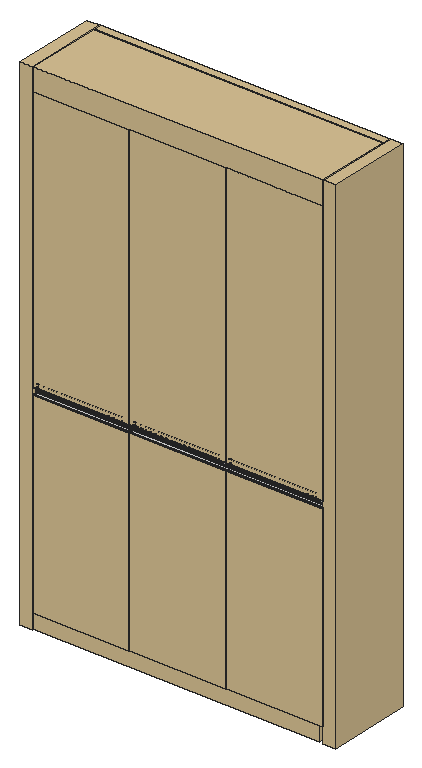
Revit family
Parameters (values of type "1500x400-wood")
  하단높이 = 70 mm
  폭 = 1500 mm
  손잡이재질 = chrome
  마감재질 = wood-pine
  높이 = 2400 mm
  깊이 = 400 mm
  Assembly Code = ""
Reference planes
  plane 1 "중심(앞/뒤)": y = 0
  plane 2: z = 0
  plane 3 "중심(왼쪽/오른쪽)": x = 0
  plane 4: x = 1500
  plane 5 "좌측마무리": x = 60
  plane 6 "우측 마무리": x = 1440
  plane 7: x = 520
  plane 8: x = 980
  plane 9: y = -400
  plane 10: z = 2400
  plane 11 "하단발판": z = 70
  plane 12 "상단마무리": z = 2290
  plane 13: z = 1036
  plane 14: z = 1000
  plane 15: y = -382
  plane 16 "손잡이 좌1": x = 521.5
  plane 17: x = 518.5
  plane 18 "손잡이 좌2": x = 981.5
  plane 19: x = 978.5
Forms (mm)
  Extrusion 1, solid, material "wood-pine" <- "마감재질"
    sketch origin (0, 0, 0) x (1, 0, 0) y (0, 1, 0)
      loop
        line (1440, 0) -> (1440, -400) -> (1500, -400) -> (1500, 0) -> (1440, 0)
      loop
        line (0, 0) -> (0, -400) -> (60, -400) -> (60, 0) -> (0, 0)
    from 0 to 2400
  Extrusion 2, solid, material "wood-pine" <- "마감재질"
    sketch origin (0, 0, 0) x (1, 0, 0) y (0, 1, 0)
      loop
        line (1440, 0) -> (60, 0) -> (60, -38) -> (1440, -38) -> (1440, 0)
    from 0 to 2400
  Extrusion 3, solid, material "wood-pine" <- "마감재질"
    sketch origin (0, 0, 0) x (1, 0, 0) y (0, 0, 1)
      loop
        line (60, 70) -> (60, 0) -> (78, 0) -> (78, 70) -> (60, 70)
      loop
        line (502, 70) -> (502, 0) -> (520, 0) -> (538, 0) -> (538, 70) -> (520, 70) -> (502, 70)
      loop
        line (962, 70) -> (962, 0) -> (980, 0) -> (998, 0) -> (998, 70) -> (980, 70) -> (962, 70)
      loop
        line (1422, 70) -> (1422, 0) -> (1440, 0) -> (1440, 70) -> (1422, 70)
    from 38 to 377.193
  Extrusion 4, solid, material "wood-pine" <- "마감재질"
    sketch origin (0, 0, 2290) x (-1, 0, 0) y (0, -1, 0)
      loop
        line (-60, 38) -> (-60, 400) -> (-1440, 400) -> (-1440, 38) -> (-60, 38)
    from 0 to 110
  Extrusion 5, solid
    sketch origin (0, 0, 70) x (-1, 0, 0) y (0, -1, 0)
      loop
        line (-60, 38) -> (-60, 382) -> (-1440, 382) -> (-1440, 38) -> (-60, 38)
    from 0 to 19
  Extrusion 6, solid, material "wood-pine" <- "마감재질"
    sketch origin (0, 0, 70) x (-1, 0, 0) y (0, -1, 0)
      loop
        line (-60, 382) -> (-60, 400) -> (-518.5, 400) -> (-518.5, 382) -> (-60, 382)
      loop
        line (-521.5, 382) -> (-521.5, 400) -> (-978.5, 400) -> (-978.5, 382) -> (-521.5, 382)
      loop
        line (-981.5, 382) -> (-981.5, 400) -> (-1440, 400) -> (-1440, 382) -> (-981.5, 382)
    from 0 to 2220
  Extrusion 7, void
    sketch origin (0, 0, 0) x (0, 1, 0) y (0, 0, 1)
      loop
        line (-380.25, 1051.062) -> (-396.312, 1035) -> (-400, 1035) -> (-400, 1001) -> (-396.312, 1001) -> (-380.25, 984.938) -> (-380.25, 1018) -> (-380.25, 1051.062)
    from 60 to 1440
  Extrusion 8, solid, material "chrome" <- "손잡이재질"
    sketch origin (60, 0, 0) x (0, 1, 0) y (0, 0, 1)
      loop
        line (-396.312, 1035) -> (-400, 1035) -> (-400, 1036) -> (-401, 1036) -> (-401, 1032.5)
        arc (-401, 1032.5) -> (-400.044, 1031.102) -> (-398.395, 1031.486) r 1.5
        line (-398.395, 1031.486) -> (-386.123, 1042.319)
        arc (-386.123, 1042.319) -> (-383.977, 1042.642) -> (-382.799, 1040.819) r 2
        line (-382.799, 1040.819) -> (-382.799, 1030.498)
        arc (-382.799, 1030.498) -> (-384.297, 1029) -> (-382.799, 1027.502) r 1.498
        arc (-382.799, 1027.502) -> (-384.299, 1026.002) -> (-382.799, 1024.502) r 1.5
        arc (-382.799, 1024.502) -> (-384.301, 1023) -> (-382.799, 1021.498) r 1.502
        arc (-382.799, 1021.498) -> (-384.297, 1020) -> (-382.799, 1018.502) r 1.498
        arc (-382.799, 1018.502) -> (-384.301, 1017) -> (-382.799, 1015.498) r 1.502
        arc (-382.799, 1015.498) -> (-384.297, 1014) -> (-382.799, 1012.502) r 1.498
        arc (-382.799, 1012.502) -> (-384.301, 1011) -> (-382.799, 1009.498) r 1.502
        arc (-382.799, 1009.498) -> (-384.299, 1007.998) -> (-382.799, 1006.498) r 1.5
        line (-382.799, 1006.498) -> (-382.799, 1005.502) -> (-382.799, 995.181)
        arc (-382.799, 995.181) -> (-383.977, 993.358) -> (-386.123, 993.681) r 2
        line (-386.123, 993.681) -> (-398.395, 1004.514)
        arc (-398.395, 1004.514) -> (-400.044, 1004.898) -> (-401, 1003.5) r 1.5
        line (-401, 1003.5) -> (-401, 1000) -> (-400, 1000) -> (-400, 1001) -> (-396.312, 1001) -> (-380.762, 985.45) -> (-377.193, 1044.368) -> (-380.762, 1050.55) -> (-396.312, 1035)
    from 0 to 458.5
  Extrusion 9, solid, material "chrome" <- "손잡이재질"
    sketch origin (521.5, 0, 0) x (0, 1, 0) y (0, 0, 1)
      loop
        line (-380.762, 985.45) -> (-377.193, 1044.368) -> (-380.762, 1050.55) -> (-396.312, 1035) -> (-400, 1035) -> (-400, 1036) -> (-401, 1036) -> (-401, 1032.5)
        arc (-401, 1032.5) -> (-400.044, 1031.102) -> (-398.395, 1031.486) r 1.5
        line (-398.395, 1031.486) -> (-386.123, 1042.319)
        arc (-386.123, 1042.319) -> (-383.977, 1042.642) -> (-382.799, 1040.819) r 2
        line (-382.799, 1040.819) -> (-382.799, 1030.498)
        arc (-382.799, 1030.498) -> (-384.297, 1029) -> (-382.799, 1027.502) r 1.498
        arc (-382.799, 1027.502) -> (-384.299, 1026.002) -> (-382.799, 1024.502) r 1.5
        arc (-382.799, 1024.502) -> (-384.301, 1023) -> (-382.799, 1021.498) r 1.502
        arc (-382.799, 1021.498) -> (-384.297, 1020) -> (-382.799, 1018.502) r 1.498
        arc (-382.799, 1018.502) -> (-384.301, 1017) -> (-382.799, 1015.498) r 1.502
        arc (-382.799, 1015.498) -> (-384.297, 1014) -> (-382.799, 1012.502) r 1.498
        arc (-382.799, 1012.502) -> (-384.301, 1011) -> (-382.799, 1009.498) r 1.502
        arc (-382.799, 1009.498) -> (-384.299, 1007.998) -> (-382.799, 1006.498) r 1.5
        line (-382.799, 1006.498) -> (-382.799, 995.181)
        arc (-382.799, 995.181) -> (-383.977, 993.358) -> (-386.123, 993.681) r 2
        line (-386.123, 993.681) -> (-398.395, 1004.514)
        arc (-398.395, 1004.514) -> (-400.044, 1004.898) -> (-401, 1003.5) r 1.5
        line (-401, 1003.5) -> (-401, 1000) -> (-400, 1000) -> (-400, 1001) -> (-396.312, 1001) -> (-380.762, 985.45)
    from 0 to 457
  Extrusion 10, solid, material "chrome" <- "손잡이재질"
    sketch origin (981.5, 0, 0) x (0, 1, 0) y (0, 0, 1)
      loop
        line (-396.312, 1001) -> (-380.762, 985.45) -> (-377.193, 1044.368) -> (-380.762, 1050.55) -> (-396.312, 1035) -> (-400, 1035) -> (-400, 1036) -> (-401, 1036) -> (-401, 1032.5)
        arc (-401, 1032.5) -> (-400.044, 1031.102) -> (-398.395, 1031.486) r 1.5
        line (-398.395, 1031.486) -> (-386.123, 1042.319)
        arc (-386.123, 1042.319) -> (-383.977, 1042.642) -> (-382.799, 1040.819) r 2
        line (-382.799, 1040.819) -> (-382.799, 1030.498)
        arc (-382.799, 1030.498) -> (-384.297, 1029) -> (-382.799, 1027.502) r 1.498
        arc (-382.799, 1027.502) -> (-384.299, 1026.002) -> (-382.799, 1024.502) r 1.5
        arc (-382.799, 1024.502) -> (-384.301, 1023) -> (-382.799, 1021.498) r 1.502
        arc (-382.799, 1021.498) -> (-384.297, 1020) -> (-382.799, 1018.502) r 1.498
        arc (-382.799, 1018.502) -> (-384.301, 1017) -> (-382.799, 1015.498) r 1.502
        arc (-382.799, 1015.498) -> (-384.297, 1014) -> (-382.799, 1012.502) r 1.498
        arc (-382.799, 1012.502) -> (-384.301, 1011) -> (-382.799, 1009.498) r 1.502
        arc (-382.799, 1009.498) -> (-384.299, 1007.998) -> (-382.799, 1006.498) r 1.5
        line (-382.799, 1006.498) -> (-382.799, 995.181)
        arc (-382.799, 995.181) -> (-383.977, 993.358) -> (-386.123, 993.681) r 2
        line (-386.123, 993.681) -> (-398.395, 1004.514)
        arc (-398.395, 1004.514) -> (-400.044, 1004.898) -> (-401, 1003.5) r 1.5
        line (-401, 1003.5) -> (-401, 1000) -> (-400, 1000) -> (-400, 1001) -> (-396.312, 1001)
    from 0 to 458.5
  Extrusion 11, solid, material "wood-pine"
    sketch origin (0, 0, 70) x (-1, 0, 0) y (0, -1, 0)
      loop
        line (-60, 377.193) -> (-60, 396.312) -> (-1422, 396.312) -> (-1422, 377.193) -> (-60, 377.193)
    from -70 to 0
Cuts and joins
  Extrusion 7 cuts Extrusion 1
  Extrusion 7 cuts Extrusion 2
  Extrusion 7 cuts Extrusion 3
  Extrusion 7 cuts Extrusion 4
  Extrusion 7 cuts Extrusion 5
  Extrusion 7 cuts Extrusion 6
Dimensions and locks
  equal spacing: plane 5 "좌측마무리", plane 7, plane 8, plane 6 "우측 마무리"
  "폭": plane 3 "중심(왼쪽/오른쪽)" to plane 4
  "깊이": plane 9 to plane 1 "중심(앞/뒤)"
  "높이": plane 10 to level
  locked: plane 4 to plane 6 "우측 마무리" at 60
  locked: plane 3 "중심(왼쪽/오른쪽)" to plane 5 "좌측마무리" at 60
  locked: Extrusion 2 sketch curve to Extrusion 2 sketch curve at 38
  plane 10 to plane 12 "상단마무리" = 110 mm
  "하단높이": plane 11 "하단발판" to level
  locked: Extrusion 1 to Extrusion 3 sketch curve at 18  (x2)
  equal spacing: Extrusion 3 sketch curve, plane 7, Extrusion 3 sketch curve
  locked: Extrusion 3 sketch curve to Extrusion 3 sketch curve at 36  (x2)
  equal spacing: Extrusion 3 sketch curve, plane 8, Extrusion 3 sketch curve
  plane 13 to plane 14 to plane 11 "하단발판" = 36 mm, 930 mm
  locked: plane 9 to plane 15 at 18
  locked: Extrusion 5 to Extrusion 5 at 19
  plane 17 to plane 7 to plane 16 "손잡이 좌1" = 1.5 mm locked, 1.5 mm locked
  plane 19 to plane 8 to plane 18 "손잡이 좌2" = 1.5 mm locked, 1.5 mm locked
  aligned and locked: plane 3 "중심(왼쪽/오른쪽)" to Extrusion 1 sketch curve
  aligned and locked: Extrusion 1 sketch curve to plane 5 "좌측마무리"
  aligned and locked: plane 1 "중심(앞/뒤)" to Extrusion 1 sketch curve  (x2)
  aligned and locked: Extrusion 1 sketch curve to plane 9  (x2)
  aligned and locked: Extrusion 1 sketch curve to plane 4
  aligned and locked: plane 6 "우측 마무리" to Extrusion 1 sketch curve
  aligned and locked: Extrusion 1 to plane 10
  aligned and locked: Extrusion 2 sketch curve to plane 5 "좌측마무리"
  aligned and locked: plane 6 "우측 마무리" to Extrusion 2 sketch curve
  aligned and locked: Extrusion 2 sketch curve to plane 1 "중심(앞/뒤)"
  aligned and locked: Extrusion 2 to plane 10
  aligned and locked: Extrusion 1 to Extrusion 3 sketch curve  (x2)
  aligned and locked: Extrusion 3 sketch curve to plane 11 "하단발판"  (x4)
  aligned and locked: Extrusion 3 sketch curve to Extrusion 2  (x4)
  aligned: plane 9 to Extrusion 3
  aligned and locked: Extrusion 3 to Extrusion 2
  aligned and locked: plane 5 "좌측마무리" to Extrusion 4 sketch curve
  aligned and locked: Extrusion 4 sketch curve to plane 6 "우측 마무리"
  aligned and locked: Extrusion 4 sketch curve to Extrusion 2
  aligned and locked: Extrusion 4 sketch curve to plane 9
  aligned and locked: Extrusion 4 to plane 10
  aligned and locked: Extrusion 5 sketch curve to Extrusion 4  (x3)
  aligned and locked: Extrusion 5 sketch curve to plane 15
  aligned and locked: Extrusion 6 sketch curve to plane 6 "우측 마무리"
  aligned and locked: plane 18 "손잡이 좌2" to Extrusion 6 sketch curve
  aligned and locked: Extrusion 6 sketch curve to Extrusion 4  (x4)
  aligned and locked: Extrusion 5 to Extrusion 6 sketch curve  (x3)
  aligned and locked: Extrusion 6 sketch curve to plane 19
  aligned and locked: plane 16 "손잡이 좌1" to Extrusion 6 sketch curve
  aligned and locked: Extrusion 6 sketch curve to plane 17
  aligned and locked: plane 12 "상단마무리" to Extrusion 6
  aligned and locked: plane 6 "우측 마무리" to cut or joined group of Extrusion 6, Extrusion 7
  aligned and locked: cut or joined group of Extrusion 6, Extrusion 7 to plane 5 "좌측마무리"
  aligned and locked: cut or joined group of Extrusion 6, Extrusion 7 to Extrusion 8
  aligned and locked: plane 19 to Extrusion 9
  aligned and locked: Extrusion 10 to cut or joined group of Extrusion 4, Extrusion 7
  aligned and locked: Extrusion 11 sketch curve to Extrusion 8  (x2)
  aligned and locked: cut or joined group of Extrusion 6, Extrusion 7 to Extrusion 11 sketch curve
  aligned and locked: cut or joined group of Extrusion 3, Extrusion 7 to Extrusion 11 sketch curve
  aligned and locked: Extrusion 11 to level
  aligned and locked: plane 11 "하단발판" to Extrusion 11
  aligned and locked: Extrusion 3 to Extrusion 8
Automatic sketch dimensions
  Extrusion 3 sketch curve to plane 7 = 0 mm  (x2)
  Extrusion 3 sketch curve to plane 8 = 0 mm  (x2)
  Extrusion 7 sketch curve to plane 13 = 1 mm
  Extrusion 7 sketch curve to plane 9 = 3.688 mm  (x2)
  Extrusion 7 sketch curve to plane 15 = 1.75 mm
  plane 13 to Extrusion 7 sketch curve = 15.062 mm
  Extrusion 7 sketch curve to plane 13 = 18 mm
  Extrusion 7 sketch curve to plane 9 = 0 mm
  Extrusion 7 sketch curve to plane 14 = 15.062 mm
  plane 14 to Extrusion 7 sketch curve = 1 mm
  Extrusion 8 sketch curve to plane 14 = 0 mm
  Extrusion 8 sketch curve to plane 13 = 0 mm
  Extrusion 8 sketch curve to plane 9 = 0 mm  (x2)
  plane 9 to Extrusion 8 sketch curve = 1 mm  (x2)
  Extrusion 8 sketch curve to plane 9 = 0.5 mm  (x2)
  Extrusion 8 sketch curve to Extrusion 8 sketch curve = 1.105 mm  (x2)
  plane 14 to Extrusion 8 sketch curve = 1 mm
  Extrusion 8 sketch curve to plane 9 = 3.688 mm  (x2)
  Extrusion 8 sketch curve to plane 13 = 1 mm
  plane 15 to Extrusion 8 sketch curve = 4.123 mm  (x2)
  Extrusion 8 sketch curve to Extrusion 8 sketch curve = 1.324 mm  (x2)
  plane 15 to Extrusion 8 sketch curve = 0.799 mm
  Extrusion 8 sketch curve to plane 15 = 1.238 mm  (x2)
  Extrusion 8 sketch curve to plane 15 = 4.807 mm
  Extrusion 8 sketch curve to plane 14 = 4.819 mm
  Extrusion 8 sketch curve to Extrusion 8 sketch curve = 8.232 mm
  Extrusion 8 sketch curve to Extrusion 8 sketch curve = 2.5 mm
  plane 14 to Extrusion 8 sketch curve = 5.502 mm
  Extrusion 8 sketch curve to Extrusion 8 sketch curve = 0.995 mm
  Extrusion 8 sketch curve to Extrusion 8 sketch curve = 1.5 mm  (x2)
  Extrusion 8 sketch curve to Extrusion 8 sketch curve = 0 mm  (x7)
  Extrusion 8 sketch curve to Extrusion 8 sketch curve = 1.502 mm  (x3)
  Extrusion 8 sketch curve to Extrusion 8 sketch curve = 1.498 mm  (x3)
  Extrusion 8 sketch curve to Extrusion 8 sketch curve = 3.514 mm
  plane 13 to Extrusion 8 sketch curve = 4.819 mm
  Extrusion 8 sketch curve to Extrusion 8 sketch curve = 3.549 mm
  Extrusion 8 sketch curve to Extrusion 8 sketch curve = 6.182 mm
  Extrusion 9 sketch curve to plane 13 = 0 mm
  Extrusion 9 sketch curve to plane 14 = 0 mm
  Extrusion 9 sketch curve to plane 9 = 0 mm  (x2)
  plane 9 to Extrusion 9 sketch curve = 1 mm  (x2)
  Extrusion 9 sketch curve to plane 9 = 0.5 mm  (x2)
  Extrusion 9 sketch curve to Extrusion 9 sketch curve = 1.105 mm  (x2)
  plane 14 to Extrusion 9 sketch curve = 1 mm
  Extrusion 9 sketch curve to plane 9 = 3.688 mm  (x2)
  Extrusion 9 sketch curve to plane 13 = 1 mm
  plane 15 to Extrusion 9 sketch curve = 4.123 mm  (x2)
  Extrusion 9 sketch curve to Extrusion 9 sketch curve = 1.324 mm  (x2)
  plane 15 to Extrusion 9 sketch curve = 0.799 mm  (x5)
  Extrusion 9 sketch curve to Extrusion 9 sketch curve = 0 mm  (x10)
  Extrusion 9 sketch curve to plane 15 = 1.238 mm  (x2)
  Extrusion 9 sketch curve to plane 15 = 4.807 mm
  Extrusion 9 sketch curve to plane 14 = 4.819 mm
  Extrusion 9 sketch curve to Extrusion 9 sketch curve = 8.232 mm
  Extrusion 9 sketch curve to Extrusion 9 sketch curve = 2.5 mm
  plane 14 to Extrusion 9 sketch curve = 6.498 mm
  Extrusion 9 sketch curve to Extrusion 9 sketch curve = 1.5 mm  (x2)
  Extrusion 9 sketch curve to Extrusion 9 sketch curve = 1.502 mm  (x3)
  Extrusion 9 sketch curve to Extrusion 9 sketch curve = 1.498 mm  (x3)
  Extrusion 9 sketch curve to Extrusion 9 sketch curve = 3.514 mm
  plane 13 to Extrusion 9 sketch curve = 4.819 mm
  Extrusion 9 sketch curve to Extrusion 9 sketch curve = 3.549 mm
  Extrusion 9 sketch curve to Extrusion 9 sketch curve = 6.182 mm
  Extrusion 10 sketch curve to plane 14 = 0 mm
  Extrusion 10 sketch curve to plane 9 = 0 mm  (x2)
  Extrusion 10 sketch curve to plane 13 = 0 mm
  plane 9 to Extrusion 10 sketch curve = 1 mm  (x2)
  Extrusion 10 sketch curve to plane 9 = 0.5 mm  (x2)
  Extrusion 10 sketch curve to Extrusion 10 sketch curve = 1.105 mm  (x2)
  Extrusion 10 sketch curve to plane 13 = 1 mm
  Extrusion 10 sketch curve to plane 9 = 3.688 mm  (x2)
  plane 14 to Extrusion 10 sketch curve = 1 mm
  plane 15 to Extrusion 10 sketch curve = 4.123 mm  (x2)
  Extrusion 10 sketch curve to Extrusion 10 sketch curve = 1.324 mm  (x2)
  plane 15 to Extrusion 10 sketch curve = 0.799 mm  (x8)
  Extrusion 10 sketch curve to plane 15 = 1.238 mm  (x2)
  Extrusion 10 sketch curve to plane 15 = 4.807 mm
  Extrusion 10 sketch curve to plane 14 = 4.819 mm
  Extrusion 10 sketch curve to Extrusion 10 sketch curve = 8.232 mm
  Extrusion 10 sketch curve to Extrusion 10 sketch curve = 2.5 mm
  plane 14 to Extrusion 10 sketch curve = 6.498 mm
  Extrusion 10 sketch curve to Extrusion 10 sketch curve = 1.5 mm  (x2)
  Extrusion 10 sketch curve to Extrusion 10 sketch curve = 0 mm  (x7)
  Extrusion 10 sketch curve to Extrusion 10 sketch curve = 1.502 mm  (x3)
  Extrusion 10 sketch curve to Extrusion 10 sketch curve = 1.498 mm  (x3)
  Extrusion 10 sketch curve to Extrusion 10 sketch curve = 3.514 mm
  plane 13 to Extrusion 10 sketch curve = 4.819 mm
  Extrusion 10 sketch curve to Extrusion 10 sketch curve = 3.549 mm
  Extrusion 10 sketch curve to Extrusion 10 sketch curve = 6.182 mm
